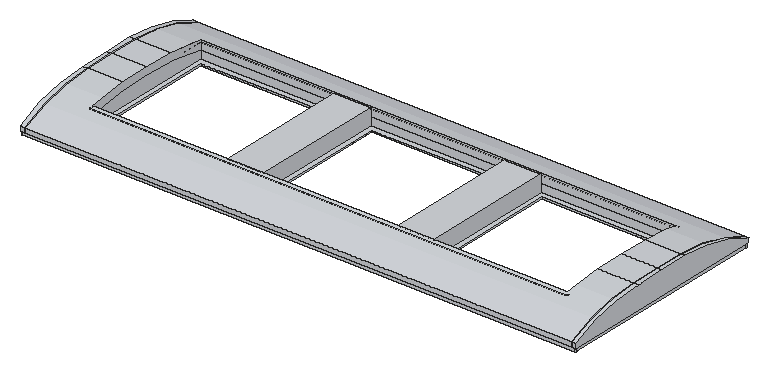
Revit family "Gira_0213736", category Electrical Fixtures, host Face, Revit 2017
Family settings
  Host = Face
  Maintain Annotation Orientation = No
  Round Connector Dimension = Use Diameter
  Part Type = Normal
  Cut with Voids When Loaded = No
  Shared = No
  Room Calculation Point = No
Parameters (values of type "Abdeckrahmen 3f Zwischenr. F Alu Gira Event Klar Schwarz")
  Werkstoffgüte = "Thermoplast"
  Werkstoff = "Kunststoff"
  URL = "http://katalog.gira.de/de_DE/datenblatt.html?artikelnr=0213736"
  Transparent = "No"
  Textfeld/Beschriftungsfläche = "No"
  Schutzart (IP) = "IP20"
  Region = "DE"
  Oberfläche = "sonstige"
  Name = "Abdeckrahmen 3f Zwischenr. F Alu Gira Event Klar Schwarz"
  Montagerichtung = "horizontal und vertikal"
  Mit Montagerahmen = "No"
  Mit Klappdeckel = "No"
  Manufacturer URL = "https://www.gira.de/"
  Keynote = "Event_Rahmen_3fach"
  HeinzeBIM = "https://bimportal.heinze.de/bim/abdeckrahmen-3f-zwischenr-f-alu-gira-event-klar-schwarz/d20f2d5b68f91c39ade50c8d2800453d41698b8d"
  Halogenfrei = "Yes"
  HAN = "0213736"
  Geeignet für Unterputz-Installation = "Yes"
  Geeignet für Unterflurkanaldose = "No"
  Geeignet für Geräteeinbaukanal = "No"
  Geeignet für Einbauinstallation = "No"
  GTIN = "4010337068877"
  Farbe = "schwarz"
  Default Elevation = 1219.2 mm
  Data sheet (1) = "https://katalog.gira.de/de_DE/download.html?artikelnr=0213736"
  Category = "Abdeckrahmen"
  Befestigungsart = "Klemmbefestigung"
  Available = "Yes"
  Ausführung der Oberfläche = "glänzend"
  Anzahl der Einheiten vertikal = "3 "
  Anzahl der Einheiten horizontal = "3 "
  Anzahl der Einheiten = "3 "
Reference planes
  plane 1 "Center (Front/Back)": y = 0
  plane 2: z = 0
  plane 3 "Center (Left/Right)": x = 0
Forms (mm)
  Extrusion 1, solid, detail levels fine
    sketch origin (0, 0, 0.05) x (0, 1, 0) y (0, 0, 1)
      loop
        arc (12.445, 9.683) -> (6.223, 9.833) -> (0, 9.85) r 291.636
        arc (0, 9.85) -> (-6.223, 9.833) -> (-12.445, 9.683) r 291.636
        arc (-12.445, 9.683) -> (-29.14, 7.482) -> (-45, 1.823) r 79.728
        line (-45, 1.823) -> (-45, -0.05) -> (-42.086, -0.05)
        arc (-42.086, -0.05) -> (-21.385, 5.559) -> (0, 7.206) r 114.424
        arc (0, 7.206) -> (21.385, 5.559) -> (42.086, -0.05) r 114.424
        line (42.086, -0.05) -> (45, -0.05) -> (45, 1.823)
        arc (45, 1.823) -> (29.14, 7.482) -> (12.445, 9.683) r 79.728
    from -114.3 to 114.3
  Extrusion 2, void, detail levels fine
    sketch origin (0, 0, 0) x (1, 0, 0) y (0, 1, 0)
      loop
        line (-99.355, -28.053) -> (99.355, -28.053) -> (99.355, 28.053) -> (-99.355, 28.053) -> (-99.355, -28.053)
    from 0.724 to 11
  Extrusion 3, solid, detail levels coarse
    sketch origin (0, 0, 0) x (1, 0, 0) y (0, 1, 0)
      loop
        line (-116.3, 45) -> (-116.3, -45) -> (116.3, -45) -> (116.3, 45) -> (-116.3, 45)
    from -1.5 to 9.9
  Extrusion 4, solid, detail levels medium
    sketch origin (0, 0, 0.05) x (0, 1, 0) y (0, 0, 1)
      loop
        arc (12.445, 9.683) -> (6.223, 9.833) -> (0, 9.85) r 291.636
        arc (0, 9.85) -> (-6.223, 9.833) -> (-12.445, 9.683) r 291.636
        arc (-12.445, 9.683) -> (-29.14, 7.482) -> (-45, 1.823) r 79.728
        line (-45, 1.823) -> (-45, -0.05) -> (45, -0.05) -> (45, 1.823)
        arc (45, 1.823) -> (29.14, 7.482) -> (12.445, 9.683) r 79.728
    from -116.3 to 116.3
  Extrusion 5, solid, detail levels fine
    sketch origin (-71.3, 0, -1.5) x (0, 1, 0) y (0, 0, -1)
      loop
        line (45, -3.373) -> (45, -1.5) -> (-45, -1.5) -> (-45, -3.373)
        arc (-45, -3.373) -> (-29.14, -9.032) -> (-12.445, -11.233) r 79.728
        arc (-12.445, -11.233) -> (-6.223, -11.383) -> (0, -11.4) r 291.636
        arc (0, -11.4) -> (6.223, -11.383) -> (12.445, -11.233) r 291.636
        arc (12.445, -11.233) -> (29.14, -9.032) -> (45, -3.373) r 79.728
    from 43 to 45
  Extrusion 6, solid, detail levels fine
    sketch origin (0, 0, 0) x (1, 0, 0) y (0, 1, 0)
      loop
        line (-97.195, 25.7) -> (-97.195, -25.7) -> (-45.395, -25.7) -> (-45.395, 25.7) -> (-97.195, 25.7)
      loop
        line (25.9, -25.7) -> (25.9, 25.7) -> (-25.9, 25.7) -> (-25.9, -25.7) -> (25.9, -25.7)
      loop
        line (-100.19, 28.49) -> (-100.19, -28.495)
        spline (-100.19, -28.495) -> (-100.181, -28.625) -> (-100.156, -28.754) -> (-100.113, -28.878) -> (-100.056, -28.995) -> (-99.983, -29.104) -> (-99.897, -29.202) -> (-99.798, -29.288) -> (-99.69, -29.361) -> (-99.572, -29.419) -> (-99.448, -29.461) -> (-99.32, -29.486) -> (-99.19, -29.495)
        line (-99.19, -29.495) -> (99.195, -29.495)
        spline (99.195, -29.495) -> (99.325, -29.486) -> (99.454, -29.461) -> (99.578, -29.419) -> (99.695, -29.361) -> (99.804, -29.288) -> (99.902, -29.202) -> (99.988, -29.104) -> (100.061, -28.995) -> (100.119, -28.878) -> (100.161, -28.754) -> (100.186, -28.625) -> (100.195, -28.495)
        line (100.195, -28.495) -> (100.195, 28.49)
        spline (100.195, 28.49) -> (100.186, 28.62) -> (100.161, 28.748) -> (100.119, 28.872) -> (100.061, 28.99) -> (99.988, 29.098) -> (99.902, 29.197) -> (99.804, 29.283) -> (99.695, 29.356) -> (99.578, 29.413) -> (99.454, 29.456) -> (99.325, 29.481) -> (99.195, 29.49)
        line (99.195, 29.49) -> (-99.19, 29.49)
        spline (-99.19, 29.49) -> (-99.32, 29.481) -> (-99.448, 29.456) -> (-99.572, 29.413) -> (-99.69, 29.356) -> (-99.798, 29.283) -> (-99.897, 29.197) -> (-99.983, 29.098) -> (-100.056, 28.99) -> (-100.113, 28.872) -> (-100.156, 28.748) -> (-100.181, 28.62) -> (-100.19, 28.49)
      loop
        line (97.2, -25.7) -> (97.2, 25.7) -> (45.4, 25.7) -> (45.4, -25.7) -> (97.2, -25.7)
    from 0.1 to 7.3
  Extrusion 7, solid
    sketch origin (0, 0, 0) x (1, 0, 0) y (0, 1, 0)
      loop
        arc (-116, -44.2) -> (-115.854, -44.554) -> (-115.5, -44.7) r 0.5
        line (-115.5, -44.7) -> (115.5, -44.7)
        arc (115.5, -44.7) -> (115.854, -44.554) -> (116, -44.2) r 0.5
        line (116, -44.2) -> (116, 44.2)
        arc (116, 44.2) -> (115.854, 44.554) -> (115.5, 44.7) r 0.5
        line (115.5, 44.7) -> (-115.5, 44.7)
        arc (-115.5, 44.7) -> (-115.854, 44.554) -> (-116, 44.2) r 0.5
        line (-116, 44.2) -> (-116, -44.2)
      loop
        line (-114.3, 43) -> (-114.3, -43) -> (114.3, -43) -> (114.3, 43) -> (-114.3, 43)
    from -1.5 to 0.5
  Extrusion 8, solid, detail levels fine
    sketch origin (71.3, 0, -1.5) x (0, 1, 0) y (0, 0, 1)
      loop
        arc (45, 3.373) -> (29.14, 9.032) -> (12.445, 11.233) r 79.728
        arc (12.445, 11.233) -> (6.223, 11.383) -> (0, 11.4) r 291.636
        arc (0, 11.4) -> (-6.223, 11.383) -> (-12.445, 11.233) r 291.636
        arc (-12.445, 11.233) -> (-29.14, 9.032) -> (-45, 3.373) r 79.728
        line (-45, 3.373) -> (-45, 1.5) -> (45, 1.5) -> (45, 3.373)
    from 43 to 45
  Extrusion 9, solid, detail levels medium
    sketch origin (0, 0, 0) x (1, 0, 0) y (0, 1, 0)
      loop
        line (-116, -44.7) -> (116, -44.7) -> (116, 44.7) -> (-116, 44.7) -> (-116, -44.7)
    from -1.5 to 0.5
  Extrusion 10, solid, detail levels fine
    sketch origin (-34.207, 0, 0) x (1, 0, 0) y (0, 1, 0)
      loop
        line (-8.943, 28.063) -> (-8.943, -27.937) -> (6.057, -27.937) -> (6.057, 28.063) -> (-8.943, 28.063)
    from 0.724 to 7.566
  Extrusion 11, solid, detail levels fine
    sketch origin (34.207, 0, 0) x (-1, 0, 0) y (0, -1, 0)
      loop
        line (-8.943, -28.063) -> (6.057, -28.063) -> (6.057, 27.937) -> (-8.943, 27.937) -> (-8.943, -28.063)
    from 0.724 to 7.566
Cuts and joins
  Extrusion 2 cuts Extrusion 1
  Extrusion 2 cuts Extrusion 6
Dimensions and locks
  aligned and locked: plane 2 to host face
  aligned and locked: level to host face
